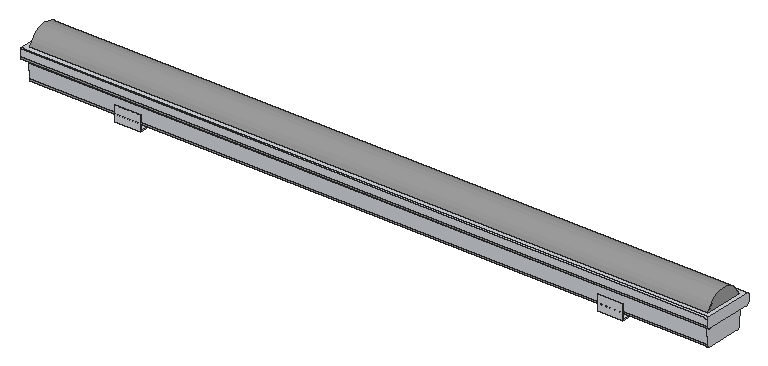
Revit family "0010234", category Lighting Fixtures, host Face, Revit 2017 (continued)
Types (60, lengths in mm): name | Weight | Wattage | TypeName | built-in parameter 1150134 | Photometric Web File | PowerFactor | PowerConsumption | NominalLength | Name | ModelReference | ModelNumber | Model | LuminousEfficacy | built-in parameter 1150105 | Lumens | LampNominalLuminous | LampMacAdamStep | LampColourTemperature | LENGHT_SYL | LENGHT_CHAMFER_SYL | LENGHT-_SYL | LENGHT-_CHAMFER_SYL | L0650_SYL | L1500_SYL | L1200_SYL | built-in parameter 1150107 | built-in parameter 1150106 | built-in parameter 1150104 | DocumentationLiterature | Description | BRACKET_WIDTH_SYL | BRACKET_DIST_SYL | Apparent Load
  0010215 RESISTO 1200 IP66 4800LM 840 QC | "1.61 kg" | 35 W | "Resisto  1200 IP66 4800lm 840 QC" | 12 | "0010215.ies" | 0.95 | "35 W" | 1212 | "Resisto  1200 IP66 4800lm 840 QC" | "Resisto  1200 IP66 4800lm 840 QC" | "0010215" | "Resisto  1200 IP66 4800lm 840 QC" | "137 lm/W" | 1583.6 (stored number, unit not read) | 4795 lm | "4800 lm" | "5" | "4000 K" | 592 | 600 | -592 | -600 | no | no | yes | 4000 (stored number, unit not read) | 15.836 (stored number, unit not read) | 12.728 (stored number, unit not read) | "http://www.sylvania-lighting.com/product/en-int/products/0010215" | "Resisto, integrated LED weatherproof luminaire, with UV stabilized flat diffuser designed to achieve uniform lit appearance, optimise light output and to reduce glare. 301 stainless steel diffuser clips and fixing brackets for surface mounting. Polycarbonate housing and diffuser - no yellow discolouration over time. 4800lm; 35W; 137lm/W; 4000K; SDCM<5; non dimmable; CRI80; IP66; IK08; Class I; 69,000hrs (L80B20) lifespan; 1200mm x 89mm x 88mm; D-mark; assembled with quick connector." | 400 | 444 | 35 VA
  0010214 RESISTO 1200 IP66 2800LM 840 QC | "1.57 kg" | 21 W | "Resisto  1200 IP66 2800lm 840 QC" | 12 | "0010214.ies" | 0.95 | "21 W" | 1212 | "Resisto  1200 IP66 2800lm 840 QC" | "Resisto  1200 IP66 2800lm 840 QC" | "0010214" | "Resisto  1200 IP66 2800lm 840 QC" | "133 lm/W" | 917.95 (stored number, unit not read) | 2793 lm | "2800 lm" | "5" | "4000 K" | 592 | 600 | -592 | -600 | no | no | yes | 4000 (stored number, unit not read) | 9.1795 (stored number, unit not read) | 12.356 (stored number, unit not read) | "http://www.sylvania-lighting.com/product/en-int/products/0010214" | "Resisto, integrated LED weatherproof luminaire, with UV stabilized flat diffuser designed to achieve uniform lit appearance, optimise light output and to reduce glare. 301 stainless steel diffuser clips and fixing brackets for surface mounting. Polycarbonate housing and diffuser - no yellow discolouration over time. 2800lm; 21W; 133lm/W; 4000K; SDCM<5; non dimmable; CRI80; IP66; IK08; Class I; 69,000hrs (L80B20) lifespan; 1200mm x 89mm x 88mm; D-mark; assembled with quick connector." | 400 | 444 | 21 VA
  0010213 RESISTO 1200 IP66 4800LM 865 | "1.54 kg" | 35 W | "Resisto  1200 IP66 4800lm 865" | 1 | "0010213.ies" | 0.95 | "35 W" | 1200 | "Resisto  1200 IP66 4800lm 865" | "Resisto  1200 IP66 4800lm 865" | "0010213" | "Resisto  1200 IP66 4800lm 865" | "137 lm/W" | 1583.6 (stored number, unit not read) | 4795 lm | "4800 lm" | "5" | "6500 K" | 592 | 600 | -592 | -600 | no | no | yes | 6500 (stored number, unit not read) | 15.836 (stored number, unit not read) | 12.728 (stored number, unit not read) | "http://www.sylvania-lighting.com/product/en-int/products/0010213" | "Resisto, integrated LED weatherproof luminaire, with UV stabilized flat diffuser designed to achieve uniform lit appearance, optimise light output and to reduce glare. 301 stainless steel diffuser clips and fixing brackets for surface mounting. Polycarbonate housing and diffuser - no yellow discolouration over time. 4800lm; 35W; 137lm/W; 6500K; SDCM<5; non dimmable; CRI80; IP66; IK08; Class I; 69,000hrs (L80B20) lifespan; 1200mm x 89mm x 88mm; D-mark." | 400 | 444 | 35 VA
  0010212 RESISTO 1200 IP66 2800LM 865 | "1.5 kg" | 21 W | "Resisto  1200 IP66 2800lm 865" | 1 | "0010212.ies" | 0.95 | "21 W" | 1200 | "Resisto  1200 IP66 2800lm 865" | "Resisto  1200 IP66 2800lm 865" | "0010212" | "Resisto  1200 IP66 2800lm 865" | "133 lm/W" | 917.95 (stored number, unit not read) | 2793 lm | "2800 lm" | "5" | "6500 K" | 592 | 600 | -592 | -600 | no | no | yes | 6500 (stored number, unit not read) | 9.1795 (stored number, unit not read) | 12.356 (stored number, unit not read) | "http://www.sylvania-lighting.com/product/en-int/products/0010212" | "Resisto, integrated LED weatherproof luminaire, with UV stabilized flat diffuser designed to achieve uniform lit appearance, optimise light output and to reduce glare. 301 stainless steel diffuser clips and fixing brackets for surface mounting. Polycarbonate housing and diffuser - no yellow discolouration over time. 2800lm; 21W; 133lm/W; 6500K; SDCM<5; non dimmable; CRI80; IP66; IK08; Class I; 69,000hrs (L80B20) lifespan; 1200mm x 89mm x 88mm; D-mark." | 400 | 444 | 21 VA
  0010211 RESISTO 1200 IP66 4800LM 840 | "11.88 kg" | 35 W | "Resisto  1200 IP66 4800lm 840" | 12 | "0010211.ies" | 0.95 | "35.0 W" | 1200 | "Resisto  1200 IP66 4800lm 840" | "Resisto  1200 IP66 4800lm 840" | "0010211" | "Resisto  1200 IP66 4800lm 840" | "137 lm/W" | -7601417.6 (stored number, unit not read) | 4795 lm | "4800 lm" | "5" | "4000 K" | 592 | 600 | -592 | -600 | no | no | yes | 4000 (stored number, unit not read) | -76014.2 (stored number, unit not read) | 12.728 (stored number, unit not read) | "http://www.sylvania-lighting.com/product/en-int/products/0010211" | "Resisto, integrated LED weatherproof luminaire, with UV stabilized flat diffuser designed to achieve uniform lit appearance, optimise light output and to reduce glare. 301 stainless steel diffuser clips and fixing brackets for surface mounting. Polycarbonate housing and diffuser - no yellow discolouration over time. 4800lm; 35W; 137lm/W; 4000K; SDCM<5; non dimmable; CRI80; IP66; IK08; Class I; 69,000hrs (L80B20) lifespan; 1200mm x 89mm x 88mm; D-mark." | 400 | 444 | 35 VA
  0010210 RESISTO 1200 IP66 2800LM 840 | "11.88 kg" | 21 W | "Resisto  1200 IP66 2800lm 840" | 12 | "0010210.ies" | 0.95 | "21.0 W" | 1200 | "Resisto  1200 IP66 2800lm 840" | "Resisto  1200 IP66 2800lm 840" | "0010210" | "Resisto  1200 IP66 2800lm 840" | "133 lm/W" | -2570258.2 (stored number, unit not read) | 2793 lm | "2800 lm" | "5" | "4000 K" | 592 | 600 | -592 | -600 | no | no | yes | 4000 (stored number, unit not read) | -25702.6 (stored number, unit not read) | 12.356 (stored number, unit not read) | "http://www.sylvania-lighting.com/product/en-int/products/0010210" | "Resisto, integrated LED weatherproof luminaire, with UV stabilized flat diffuser designed to achieve uniform lit appearance, optimise light output and to reduce glare. 301 stainless steel diffuser clips and fixing brackets for surface mounting. Polycarbonate housing and diffuser - no yellow discolouration over time. 2800lm; 21W; 133lm/W; 4000K; SDCM<5; non dimmable; CRI80; IP66; IK08; Class I; 69,000hrs (L80B20) lifespan; 1200mm x 89mm x 88mm; D-mark." | 400 | 444 | 21 VA
  0010209 RESISTO 1200 IP66 4800LM 830 | "1.54 kg" | 35 W | "Resisto  1200 IP66 4800lm 830" | (empty or 0) | "0010209.ies" | 0.95 | "35 W" | 1200 | "Resisto  1200 IP66 4800lm 830" | "Resisto  1200 IP66 4800lm 830" | "0010209" | "Resisto  1200 IP66 4800lm 830" | "137 lm/W" | 1583.6 (stored number, unit not read) | 4795 lm | "4800 lm" | "5" | "3000 K" | 592 | 600 | -592 | -600 | no | no | yes | 3000 (stored number, unit not read) | 15.836 (stored number, unit not read) | 12.728 (stored number, unit not read) | "http://www.sylvania-lighting.com/product/en-int/products/0010209" | "Resisto, integrated LED weatherproof luminaire, with UV stabilized flat diffuser designed to achieve uniform lit appearance, optimise light output and to reduce glare. 301 stainless steel diffuser clips and fixing brackets for surface mounting. Polycarbonate housing and diffuser - no yellow discolouration over time. 4800lm; 35W; 137lm/W; 3000K; SDCM<5; non dimmable; CRI80; IP66; IK08; Class I; 69,000hrs (L80B20) lifespan; 1200mm x 89mm x 88mm; D-mark." | 400 | 444 | 35 VA
  0010208 RESISTO 1200 IP66 2800LM 830 | "1.5 kg" | 21 W | "Resisto  1200 IP66 2800lm 830" | (empty or 0) | "0010208.ies" | 0.95 | "21 W" | 1200 | "Resisto  1200 IP66 2800lm 830" | "Resisto  1200 IP66 2800lm 830" | "0010208" | "Resisto  1200 IP66 2800lm 830" | "133 lm/W" | 917.95 (stored number, unit not read) | 2793 lm | "2800 lm" | "5" | "3000 K" | 592 | 600 | -592 | -600 | no | no | yes | 3000 (stored number, unit not read) | 9.1795 (stored number, unit not read) | 12.356 (stored number, unit not read) | "http://www.sylvania-lighting.com/product/en-int/products/0010208" | "Resisto, integrated LED weatherproof luminaire, with UV stabilized flat diffuser designed to achieve uniform lit appearance, optimise light output and to reduce glare. 301 stainless steel diffuser clips and fixing brackets for surface mounting. Polycarbonate housing and diffuser - no yellow discolouration over time. 2800lm; 21W; 133lm/W; 3000K; SDCM<5; non dimmable; CRI80; IP66; IK08; Class I; 69,000hrs (L80B20) lifespan; 1200mm x 89mm x 88mm; D-mark." | 400 | 444 | 21 VA
  0010207 RESISTO 600 HE IP66 2500LM 840 | "0.96 kg" | 16 W | "Resisto  600 HE IP66 2500lm 840" | 12 | "0010207.ies" | 0.95 | "16 W" | 650 | "Resisto  600 HE IP66 2500lm 840" | "Resisto  600 HE IP66 2500lm 840" | "0010207" | "Resisto  600 HE IP66 2500lm 840" | "156 lm/W" | 829.02 (stored number, unit not read) | 2496 lm | "2500 lm" | "3" | "4000 K" | 317 | 325 | -317 | -325 | yes | no | no | 4000 (stored number, unit not read) | 8.2902 (stored number, unit not read) | 14.493 (stored number, unit not read) | "http://www.sylvania-lighting.com/product/en-int/products/0010207" | "Resisto, integrated LED weatherproof luminaire, with UV stabilized flat diffuser designed to achieve uniform lit appearance, optimise light output and to reduce glare. 301 stainless steel diffuser clips and fixing brackets for surface mounting. Polycarbonate housing and diffuser - no yellow discolouration over time. 2500lm; 16W; 156lm/W; 4000K; SDCM<3; non dimmable; CRI80; IP66; IK08; Class I; 69,000hrs (L80B20) lifespan; 650mm x 89mm x 88mm; D-mark." | 125 | 169 | 16 VA
  0010206 RESISTO 600 HE IP66 1400LM 840 | "0.88 kg" | 10 W | "Resisto  600 HE IP66 1400lm 840" | 12 | "0010206.ies" | 0.9 | "10 W" | 650 | "Resisto  600 HE IP66 1400lm 840" | "Resisto  600 HE IP66 1400lm 840" | "0010206" | "Resisto  600 HE IP66 1400lm 840" | "140 lm/W" | 479.25 (stored number, unit not read) | 1400 lm | "1400 lm" | "3" | "4000 K" | 317 | 325 | -317 | -325 | yes | no | no | 4000 (stored number, unit not read) | 4.7925 (stored number, unit not read) | 13.006 (stored number, unit not read) | "http://www.sylvania-lighting.com/product/en-int/products/0010206" | "Resisto, integrated LED weatherproof luminaire, with UV stabilized flat diffuser designed to achieve uniform lit appearance, optimise light output and to reduce glare. 301 stainless steel diffuser clips and fixing brackets for surface mounting. Polycarbonate housing and diffuser - no yellow discolouration over time. 1400lm; 10W; 140lm/W; 4000K; SDCM<3; non dimmable; CRI80; IP66; IK08; Class I; 69,000hrs (L80B20) lifespan; 650mm x 89mm x 88mm; D-mark." | 125 | 169 | 10 VA
  0010205 RESISTO 600 IP66 2500LM 865 | "0.88 kg" | 19 W | "Resisto  600 IP66 2500lm 865" | 1 | "0010205.ies" | 1 | "19 W" | 650 | "Resisto  600 IP66 2500lm 865" | "Resisto  600 IP66 2500lm 865" | "0010205" | "Resisto  600 IP66 2500lm 865" | "132 lm/W" | 833.01 (stored number, unit not read) | 2508 lm | "2500 lm" | "5" | "6500 K" | 317 | 325 | -317 | -325 | yes | no | no | 6500 (stored number, unit not read) | 8.3301 (stored number, unit not read) | 12.263 (stored number, unit not read) | "http://www.sylvania-lighting.com/product/en-int/products/0010205" | "Resisto, integrated LED weatherproof luminaire, with UV stabilized flat diffuser designed to achieve uniform lit appearance, optimise light output and to reduce glare. 301 stainless steel diffuser clips and fixing brackets for surface mounting. Polycarbonate housing and diffuser - no yellow discolouration over time. 2500lm; 19W; 132lm/W; 6500K; SDCM<5; non dimmable; CRI80; IP66; IK08; Class I; 69,000hrs (L80B20) lifespan; 650mm x 89mm x 88mm; D-mark." | 125 | 169 | 19 VA
  0010204 RESISTO 600 IP66 1600LM 865 | "0.88 kg" | 12 W | "Resisto  600 IP66 1600lm 865" | 1 | "0010204.ies" | 0.9 | "12 W" | 650 | "Resisto  600 IP66 1600lm 865" | "Resisto  600 IP66 1600lm 865" | "0010204" | "Resisto  600 IP66 1600lm 865" | "133 lm/W" | 546.34 (stored number, unit not read) | 1596 lm | "1600 lm" | "5" | "6500 K" | 317 | 325 | -317 | -325 | yes | no | no | 6500 (stored number, unit not read) | 5.4634 (stored number, unit not read) | 12.356 (stored number, unit not read) | "http://www.sylvania-lighting.com/product/en-int/products/0010204" | "Resisto, integrated LED weatherproof luminaire, with UV stabilized flat diffuser designed to achieve uniform lit appearance, optimise light output and to reduce glare. 301 stainless steel diffuser clips and fixing brackets for surface mounting. Polycarbonate housing and diffuser - no yellow discolouration over time. 1600lm; 12W; 133lm/W; 6500K; SDCM<5; non dimmable; CRI80; IP66; IK08; Class I; 69,000hrs (L80B20) lifespan; 650mm x 89mm x 88mm; D-mark." | 125 | 169 | 12 VA
  0010203 RESISTO 600 IP66 2500LM 840 | "10.2 kg" | 19 W | "Resisto  600 IP66 2500lm 840" | 12 | "0010203.ies" | 0.95 | "19.0 W" | 650 | "Resisto  600 IP66 2500lm 840" | "Resisto  600 IP66 2500lm 840" | "0010203" | "Resisto  600 IP66 2500lm 840" | "132 lm/W" | -2082492.7 (stored number, unit not read) | 2508 lm | "2500 lm" | "5" | "4000 K" | 317 | 325 | -317 | -325 | yes | no | no | 4000 (stored number, unit not read) | -20824.9 (stored number, unit not read) | 12.263 (stored number, unit not read) | "http://www.sylvania-lighting.com/product/en-int/products/0010203" | "Resisto, integrated LED weatherproof luminaire, with UV stabilized flat diffuser designed to achieve uniform lit appearance, optimise light output and to reduce glare. 301 stainless steel diffuser clips and fixing brackets for surface mounting. Polycarbonate housing and diffuser - no yellow discolouration over time. 2500lm; 19W; 132lm/W; 4000K; SDCM<5; non dimmable; CRI80; IP66; IK08; Class I; 69,000hrs (L80B20) lifespan; 650mm x 89mm x 88mm; D-mark." | 125 | 169 | 19 VA
  0010202 RESISTO 600 IP66 1600LM 840 | "10.2 kg" | 12 W | "Resisto  600 IP66 1600lm 840" | 12 | "0010202.ies" | 0.9 | "12.0 W" | 650 | "Resisto  600 IP66 1600lm 840" | "Resisto  600 IP66 1600lm 840" | "0010202" | "Resisto  600 IP66 1600lm 840" | "133 lm/W" | -874129.2 (stored number, unit not read) | 1596 lm | "1600 lm" | "5" | "4000 K" | 317 | 325 | -317 | -325 | yes | no | no | 4000 (stored number, unit not read) | -8741.3 (stored number, unit not read) | 12.356 (stored number, unit not read) | "http://www.sylvania-lighting.com/product/en-int/products/0010202" | "Resisto, integrated LED weatherproof luminaire, with UV stabilized flat diffuser designed to achieve uniform lit appearance, optimise light output and to reduce glare. 301 stainless steel diffuser clips and fixing brackets for surface mounting. Polycarbonate housing and diffuser - no yellow discolouration over time. 1600lm; 12W; 133lm/W; 4000K; SDCM<5; non dimmable; CRI80; IP66; IK08; Class I; 69,000hrs (L80B20) lifespan; 650mm x 89mm x 88mm; D-mark." | 125 | 169 | 12 VA
  0010279 RESISTO 1500 HE IP66 DALI 8300LM 840 | "2.01 kg" | 54 W | "Resisto 1500 HE IP66 DALI 8300lm 840" | 12 | "0010279.ies" | 0.99 | "54 W" | 1500 | "Resisto 1500 HE IP66 DALI 8300lm 840" | "Resisto 1500 HE IP66 DALI 8300lm 840" | "0010279" | "Resisto 1500 HE IP66 DALI 8300lm 840" | "154 lm/W" | 2773 (stored number, unit not read) | 8316 lm | "8300 lm" | "3" | "4000 K" | 742 | 750 | -742 | -750 | no | yes | no | 4000 (stored number, unit not read) | 27.73 (stored number, unit not read) | 14.307 (stored number, unit not read) | "http://www.sylvania-lighting.com/product/en-int/products/0010279" | "Resisto, integrated LED weatherproof luminaire, with UV stabilized flat diffuser designed to achieve uniform lit appearance, optimise light output and to reduce glare. 301 stainless steel diffuser clips and fixing brackets for surface mounting. Polycarbonate housing and diffuser - no yellow discolouration over time. 8300lm; 54W; 154lm/W; 4000K; SDCM<3; DALI dimmable; CRI80; IP66; IK08; Class I; 69,000hrs (L80B20) lifespan; 1500mm x 89mm x 88mm; D-mark." | 550 | 594 | 54 VA
